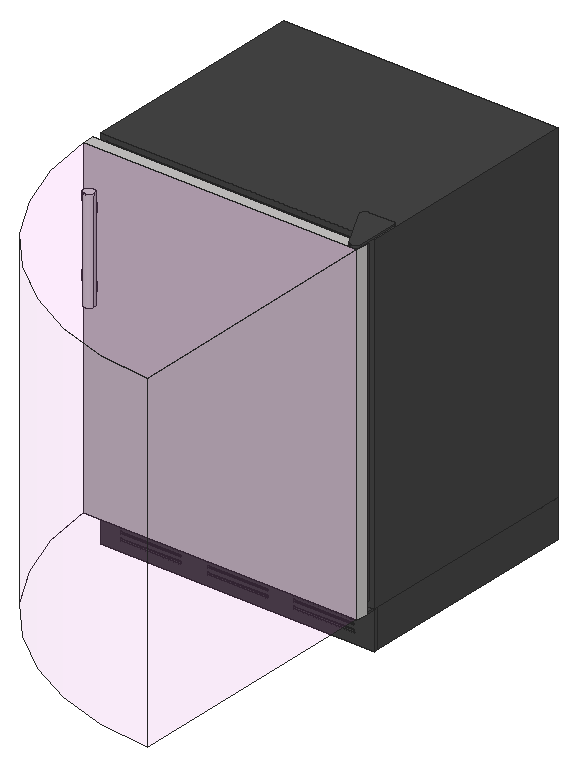
Revit family "QF_Summit_FF708BLSSADA_Refrigerator", category Specialty Equipment, Revit 2020
Family settings
  Round Connector Dimension = Use Diameter
  Part Type = Normal
  Work Plane-Based = No
  Always vertical = Yes
  Cut with Voids When Loaded = No
  Shared = No
  Room Calculation Point = No
Parameters
  Weight in Pounds = 100
  Watts = Volts * FL Amps  # 92 W
  Volts = 115 V
  URL Cutsheet = ""
  Specification by User = ""
  Specification by Manufacturer = ""
  Show LHD [instance] = no
  Right Hinged Door [instance] = not(Show LHD)  # yes
  Serial Number = ""
  Seismic Rating = ""
  SMACNA No = ""
  Revision Code = ""
  Refrigerant Volume = 0.00 kip
  Refrigerant Type = "R600a"
  Phase = 1
  Number of Poles = 1
  NAFEM Spec ID Number = ""
  Model = "FF708BLSSADA"
  Min Ckt Ampacity = 0 A
  Max Overcurrent Protection = 0 A
  Masterspec = ""
  Manufacturer = "Summit"
  Length = 23 5/8"
  Item Number = ""
  Installed By = ""
  Identify Quantity as Lot = yes
  Height = 32 1/8"
  HP = ""
  Furnished By = ""
  Foodservice Equipment Identifier = yes
  FL Amps = 0.8 A
  Electrical Remarks = ""
  Electric Connection Type = ""
  Elec Conn RI Height = 0"
  Elec Conn Connection Height = 0"
  Description = "Refrigerator"
  Depth = 22 3/8"
  Default Elevation = 0"
  Cycle = 60 Hz
  Conn Plug = ""
  Conn Conduit = yes
  CSI MasterFormat = ""
  BTUH = 0.0 Btu/h
  Apparent Power = if(Phase = 3, Volts * FL Amps * 1.73, Volts * FL Amps)  # 92 VA
Reference planes (in)
  plane 1 "BACK": y = 0
  plane 2: z = 0
  plane 3 "LEFT": x = 0
  plane 4 "RIGHT": x = 23.625
  plane 5 "FRONT": y = -22.375
  plane 6 "TOP": z = 32.125
  plane 7 "Center Y": x = 11.8125
  plane 8 "Center X": y = -11.1875
  plane 9: z = 32
  plane 10: y = -24
  plane 11: y = -45
  plane 12: y = -0.75
  plane 13: y = -20.5
  plane 14: z = 0.125
  plane 15: z = 3.375
  plane 16: x = 17.46169
Forms (in)
  Extrusion 1, solid, material "QF_Metallic_Paint_Black_Smooth"
    sketch origin (-4.07558, -180, 0.25) x (-1, 0, 0) y (0, -1, 0)
      loop
        line (-4.07558, -179.25) -> (-4.07558, -159.5) -> (-27.70058, -159.5) -> (-27.70058, -179.25) -> (-4.07558, -179.25)
    from 3.125 to 31.75
  Extrusion 2, solid, material "QF_Metal_Stainless_Polished"
    sketch origin (-5.77638, -180, 3.5) x (-1, 0, 0) y (0, -1, 0)
      loop
        line (-5.77638, -157.625) -> (-29.40138, -157.625) -> (-29.40138, -158.625) -> (-5.77638, -158.625) -> (-5.77638, -157.625)
    from -0.125 to 28.5
  Extrusion 3, solid, material "QF_Metallic_Paint_Black_Smooth"
    sketch origin (23.5, -21.375, 3.5) x (-1, 0, 0) y (0, 0, 1)
      loop
        line (0.375, 0.375) -> (23, 0.375) -> (23, 28) -> (0.375, 28) -> (0.375, 0.375)
    from 0 to 0.875
  Extrusion 4, solid, material "QF_Metallic_Paint_Black_Smooth", visible <- "Right Hinged Door"
    sketch origin (-5.77638, -180, 32) x (-1, 0, 0) y (0, -1, 0)
      loop
        arc (-29.27619, -161.7403) -> (-29.20297, -161.91708) -> (-29.02619, -161.9903) r 0.25
        line (-29.02619, -161.9903) -> (-26.9149, -161.9903)
        arc (-26.9149, -161.9903) -> (-26.55876, -161.78675) -> (-26.55339, -161.37658) r 0.41333
        line (-26.55339, -161.37658) -> (-28.47012, -157.91871)
        arc (-28.47012, -157.91871) -> (-28.95386, -157.71088) -> (-29.27619, -158.12717) r 0.42999
        line (-29.27619, -158.12717) -> (-29.27619, -161.7403)
    from 0 to 0.125
  Extrusion 5, solid, material "QF_Metal_Stainless_Polished", visible <- "Right Hinged Door"
    sketch origin (-1.6459, -180, 28.32044) x (-1, 0, 0) y (0, -1, 0)
      loop
        line (-1.6459, -158.625) -> (-1.5209, -158.625) -> (-1.5209, -157.55854) -> (-2.72981, -156.74311) -> (-3.38781, -156.74311) -> (-3.38781, -156.86811) -> (-2.76803, -156.86811) -> (-1.6459, -157.625) -> (-1.6459, -158.625)
    from 0 to -0.75
  Extrusion 6, solid, material "QF_Metal_Stainless_Polished", visible <- "Right Hinged Door"
    sketch origin (-4.89398, -180, 20.5) x (-1, 0, 0) y (0, -1, 0)
      loop
        circle (-6.30689, -156.43406) r 0.43516
    from 0 to 8.75
  Extrusion 7, solid, material "QF_Metal_Stainless_Polished", visible <- "Right Hinged Door"
    sketch origin (-1.6459, -180, 21.42956) x (0, 1, 0) y (1, 0, 0)
      loop
        line (158.625, 1.6459) -> (157.625, 1.6459) -> (156.86811, 2.76803) -> (156.86811, 3.38781) -> (156.74311, 3.38781) -> (156.74311, 2.72981) -> (157.55854, 1.5209) -> (158.625, 1.5209) -> (158.625, 1.6459)
    from 0 to -0.75
  Extrusion 8, solid, material "QF_Metallic_Paint_Black_Smooth", visible <- "Right Hinged Door"
    sketch origin (-5.77638, -180, 3.375) x (0, 1, 0) y (1, 0, 0)
      loop
        line (159.5, 29.27619) -> (158.12717, 29.27619)
        arc (158.12717, 29.27619) -> (157.71088, 28.95386) -> (157.91871, 28.47012) r 0.42999
        line (157.91871, 28.47012) -> (159.5, 27.5936) -> (159.5, 29.27619)
    from 0 to 0.125
  Extrusion 9, solid, material "QF_Metallic_Paint_Black_Smooth"
    sketch origin (-12.48311, -20.5, 48) x (-1, 0, 0) y (0, 0, 1)
      loop
        line (-12.48311, -44.625) -> (-36.10811, -44.625) -> (-36.10811, -47.875) -> (-12.48311, -47.875) -> (-12.48311, -44.625)
      loop
        line (-14.18872, -45.26011) -> (-19.43872, -45.26011) -> (-19.43872, -45.51011) -> (-14.18872, -45.51011) -> (-14.18872, -45.26011)
      loop
        line (-14.18872, -45.76011) -> (-19.43872, -45.76011) -> (-19.43872, -46.01011) -> (-14.18872, -46.01011) -> (-14.18872, -45.76011)
      loop
        line (-14.18872, -46.26011) -> (-19.43872, -46.26011) -> (-19.43872, -46.51011) -> (-14.18872, -46.51011) -> (-14.18872, -46.26011)
      loop
        line (-14.18872, -46.76011) -> (-19.43872, -46.76011) -> (-19.43872, -47.01011) -> (-14.18872, -47.01011) -> (-14.18872, -46.76011)
      loop
        line (-21.67061, -45.26011) -> (-26.92061, -45.26011) -> (-26.92061, -45.51011) -> (-21.67061, -45.51011) -> (-21.67061, -45.26011)
      loop
        line (-21.67061, -45.76011) -> (-26.92061, -45.76011) -> (-26.92061, -46.01011) -> (-21.67061, -46.01011) -> (-21.67061, -45.76011)
      loop
        line (-21.67061, -46.26011) -> (-26.92061, -46.26011) -> (-26.92061, -46.51011) -> (-21.67061, -46.51011) -> (-21.67061, -46.26011)
      loop
        line (-21.67061, -46.76011) -> (-26.92061, -46.76011) -> (-26.92061, -47.01011) -> (-21.67061, -47.01011) -> (-21.67061, -46.76011)
      loop
        line (-34.40249, -45.26011) -> (-34.40249, -45.51011) -> (-29.15249, -45.51011) -> (-29.15249, -45.26011) -> (-34.40249, -45.26011)
      loop
        line (-34.40249, -45.76011) -> (-34.40249, -46.01011) -> (-29.15249, -46.01011) -> (-29.15249, -45.76011) -> (-34.40249, -45.76011)
      loop
        line (-34.40249, -46.26011) -> (-34.40249, -46.51011) -> (-29.15249, -46.51011) -> (-29.15249, -46.26011) -> (-34.40249, -46.26011)
      loop
        line (-34.40249, -46.76011) -> (-34.40249, -47.01011) -> (-29.15249, -47.01011) -> (-29.15249, -46.76011) -> (-34.40249, -46.76011)
    from 0 to 0.25
  Extrusion 10, solid, material "QF_Metallic_Paint_Black_Smooth"
    sketch origin (-12.48311, -1, 48) x (-1, 0, 0) y (0, 0, 1)
      loop
        line (-12.48311, -44.625) -> (-36.10811, -44.625) -> (-36.10811, -47.875) -> (-12.48311, -47.875) -> (-12.48311, -44.625)
    from -19.25 to 0.25
  Extrusion 11, solid, material "QF_Metallic_Paint_Black_Smooth"
    sketch origin (0, 0, 0) x (1, 0, 0) y (0, 1, 0)
      loop
        circle (3.1104, -18.5) r 0.5
      loop
        circle (3.1104, -2.75) r 0.5
      loop
        circle (20.5146, -18.5) r 0.5
      loop
        circle (20.5146, -2.75) r 0.5
    from 0 to 0.125
  Extrusion 12, solid, material "QF_Metal_Stainless_Polished"
    sketch origin (0, -0.75, 0.25) x (1, 0, 0) y (0, 0, -1)
      loop
        circle (17.46169, -0.84684) r 0.25
    from 0 to 0.25
  Extrusion 13, solid, material "QF_Metallic_Paint_Black_Smooth"
    sketch origin (0, -0.75, 17.75) x (0, -1, 0) y (1, 0, 0)
      loop
        line (-0.75, 9.30778) -> (0, 9.30778) -> (0, 14.31722) -> (-0.75, 14.31722) -> (-0.75, 9.30778)
    from -3 to 3
  Extrusion 14, solid, material "QF_Clearances_Door_Drawer", visible <- "Right Hinged Door"
    sketch origin (-5.77638, -180, 3.375) x (0, -1, 0) y (-1, 0, 0)
      loop
        line (-157.625, -29.40138) -> (-135, -29.40138)
        arc (-135, -29.40138) -> (-141.73517, -13.2053) -> (-157.625, -5.77638) r 24.27307
        line (-157.625, -5.77638) -> (-157.625, -29.40138)
    from 0 to -28.625
  Extrusion 15, solid, material "QF_Metallic_Paint_Black_Smooth", visible <- "Show LHD"
    sketch origin (29.40138, -180, 32) x (1, 0, 0) y (0, 1, 0)
      loop
        line (-29.27619, 161.7403) -> (-29.27619, 158.12717)
        arc (-29.27619, 158.12717) -> (-28.95386, 157.71088) -> (-28.47012, 157.91871) r 0.42999
        line (-28.47012, 157.91871) -> (-26.55339, 161.37658)
        arc (-26.55339, 161.37658) -> (-26.55876, 161.78675) -> (-26.9149, 161.9903) r 0.41333
        line (-26.9149, 161.9903) -> (-29.02619, 161.9903)
        arc (-29.02619, 161.9903) -> (-29.20297, 161.91708) -> (-29.27619, 161.7403) r 0.25
    from 0 to 0.125
  Extrusion 16, solid, material "QF_Metal_Stainless_Polished", visible <- "Show LHD"
    sketch origin (25.2709, -180, 28.32044) x (1, 0, 0) y (0, 1, 0)
      loop
        line (-1.6459, 158.625) -> (-1.6459, 157.625) -> (-2.76803, 156.86811) -> (-3.38781, 156.86811) -> (-3.38781, 156.74311) -> (-2.72981, 156.74311) -> (-1.5209, 157.55854) -> (-1.5209, 158.625) -> (-1.6459, 158.625)
    from 0 to -0.75
  Extrusion 17, solid, material "QF_Metal_Stainless_Polished", visible <- "Show LHD"
    sketch origin (28.51898, -180, 20.5) x (1, 0, 0) y (0, 1, 0)
      loop
        circle (-6.30689, 156.43406) r 0.43516
    from 0 to 8.75
  Extrusion 18, solid, material "QF_Metal_Stainless_Polished", visible <- "Show LHD"
    sketch origin (25.2709, -180, 21.42956) x (0, -1, 0) y (-1, 0, 0)
      loop
        line (-158.625, 1.6459) -> (-158.625, 1.5209) -> (-157.55854, 1.5209) -> (-156.74311, 2.72981) -> (-156.74311, 3.38781) -> (-156.86811, 3.38781) -> (-156.86811, 2.76803) -> (-157.625, 1.6459) -> (-158.625, 1.6459)
    from 0 to -0.75
  Extrusion 19, solid, material "QF_Metallic_Paint_Black_Smooth", visible <- "Show LHD"
    sketch origin (29.40138, -180, 3.375) x (0, -1, 0) y (-1, 0, 0)
      loop
        line (-159.5, 29.27619) -> (-159.5, 27.5936) -> (-157.91871, 28.47012)
        arc (-157.91871, 28.47012) -> (-157.71088, 28.95386) -> (-158.12717, 29.27619) r 0.42999
        line (-158.12717, 29.27619) -> (-159.5, 29.27619)
    from 0 to 0.125
  Extrusion 20, solid, material "QF_Clearances_Door_Drawer", visible <- "Show LHD"
    sketch origin (29.40138, -180, 3.375) x (0, 1, 0) y (1, 0, 0)
      loop
        line (157.625, -29.40138) -> (157.625, -5.77638)
        arc (157.625, -5.77638) -> (141.73517, -13.2053) -> (135, -29.40138) r 24.27307
        line (135, -29.40138) -> (157.625, -29.40138)
    from 0 to -28.625
Lines and regions (in)
  symbolic lines
    curve 1: line (0, -0.75, 0) -> (23.625, -0.75, 0)
    curve 2: line (0, -20.5, 0) -> (0, -0.75, 0)
    curve 3: line (23.625, -20.5, 0) -> (23.49982, -20.5, 0)
    curve 4: line (23.625, -0.75, 0) -> (23.625, -20.5, 0)
    curve 5: line (21.81722, -20.5, 0) -> (1.80778, -20.5, 0)
    curve 12: line (23.625, -22.375, 0) -> (0, -22.375, 0)
    curve 13: line (0, -21.375, 0) -> (0, -22.375, 0)
    curve 14: line (23.625, -21.375, 0) -> (23.49982, -21.375, 0)
    curve 15: line (23.625, -22.375, 0) -> (23.625, -21.375, 0)
    curve 16: line (22.30224, -21.375, 0) -> (1.32276, -21.375, 0)
    curve 22: line (1.74192, -23.25689, 0) -> (1.74192, -23.13189, 0)
    curve 28: line (9.30778, -0.75, 0) -> (9.30778, 0, 0)
    curve 29: line (9.30778, 0, 0) -> (14.31722, 0, 0)
    curve 30: line (14.31722, 0, 0) -> (14.31722, -0.75, 0)
    curve 54: line (0.12518, -20.5, 0) -> (0, -20.5, 0)
    curve 56: line (0.12518, -21.375, 0) -> (0, -21.375, 0)
  symbolic lines, visible <- "Right Hinged Door"
    curve 6: line (23.49982, -21.87283, 0) -> (23.49982, -18.2597, 0)
    curve 7: arc (23.49982, -18.2597, 0) -> (23.42659, -18.08292, 0) -> (23.24982, -18.0097, 0) r 0.25
    curve 8: line (23.24982, -18.0097, 0) -> (21.13852, -18.0097, 0)
    curve 9: arc (21.13852, -18.0097, 0) -> (20.78238, -18.21325, 0) -> (20.77701, -18.62342, 0) r 0.41333
    curve 10: line (20.77701, -18.62342, 0) -> (22.69374, -22.08129, 0)
    curve 11: arc (22.69374, -22.08129, 0) -> (23.17748, -22.28912, 0) -> (23.49982, -21.87283, 0) r 0.42999
    curve 17: line (-0.125, -21.375, 0) -> (-0.125, -22.44146, 0)
    curve 18: line (-0.125, -22.44146, 0) -> (1.08391, -23.25689, 0)
    curve 19: arc (0.97776, -23.56594, 0) -> (1.41291, -24.0011, 0) -> (1.84807, -23.56594, 0) r 0.43516
    curve 20: line (1.74192, -23.13189, 0) -> (1.12213, -23.13189, 0)
    curve 21: line (1.12213, -23.13189, 0) -> (0, -22.375, 0)
    curve 23: arc (1.84807, -23.56594, 0) -> (1.73137, -23.26938, 0) -> (1.44385, -23.13189, 0) r 0.43516
    curve 24: line (1.08391, -23.25689, 0) -> (1.10657, -23.25689, 0)
    curve 25: line (1.71926, -23.25689, 0) -> (1.74192, -23.25689, 0)
    curve 26: arc (1.38198, -23.13189, 0) -> (1.09446, -23.26938, 0) -> (0.97776, -23.56594, 0) r 0.43516
    curve 27: line (0.5, -21.375, 0) -> (0.5, -20.5, 0)
    curve 33: line (0, -21.375, 0) -> (-0.125, -21.375, 0)
    curve 53: line (1.80778, -20.5, 0) -> (0.12518, -20.5, 0)
    curve 55: line (1.32276, -21.375, 0) -> (0.12518, -21.375, 0)
  symbolic lines, style "QF_Clearances_Door_Drawer", visible <- "Right Hinged Door"
    curve 31: line (23.625, -22.375, 0) -> (3.7814, -33.83171, 0)
    curve 32: arc (3.7814, -33.83171, 0) -> (1.19256, -28.41738, 0) -> (0.01125, -22.53337, 0) r 24.27307
  symbolic lines, visible <- "Show LHD"
    curve 34: line (0.12518, -21.87283, 0) -> (0.12518, -18.2597, 0)
    curve 35: arc (0.12518, -18.2597, 0) -> (0.19841, -18.08292, 0) -> (0.37518, -18.0097, 0) r 0.25
    curve 36: line (0.37518, -18.0097, 0) -> (2.48648, -18.0097, 0)
    curve 37: arc (2.48648, -18.0097, 0) -> (2.84262, -18.21325, 0) -> (2.84799, -18.62342, 0) r 0.41333
    curve 38: line (2.84799, -18.62342, 0) -> (0.93126, -22.08129, 0)
    curve 39: arc (0.93126, -22.08129, 0) -> (0.44752, -22.28912, 0) -> (0.12518, -21.87283, 0) r 0.42999
    curve 40: line (23.75, -21.375, 0) -> (23.75, -22.44146, 0)
    curve 41: line (23.75, -22.44146, 0) -> (22.54109, -23.25689, 0)
    curve 42: arc (22.64724, -23.56594, 0) -> (22.21209, -24.0011, 0) -> (21.77693, -23.56594, 0) r 0.43516
    curve 43: line (21.88308, -23.13189, 0) -> (22.50287, -23.13189, 0)
    curve 44: line (22.50287, -23.13189, 0) -> (23.625, -22.375, 0)
    curve 45: arc (21.77693, -23.56594, 0) -> (21.89363, -23.26938, 0) -> (22.18115, -23.13189, 0) r 0.43516
    curve 46: arc (22.24302, -23.13189, 0) -> (22.53054, -23.26938, 0) -> (22.64724, -23.56594, 0) r 0.43516
    curve 49: line (23.625, -21.375, 0) -> (23.75, -21.375, 0)
    curve 50: line (22.54109, -23.25689, 0) -> (22.51843, -23.25689, 0)
    curve 51: line (21.88308, -23.13189, 0) -> (21.88308, -23.25689, 0)
    curve 52: line (21.90574, -23.25689, 0) -> (21.88308, -23.25689, 0)
    curve 57: line (23.125, -21.375, 0) -> (23.125, -20.5, 0)
    curve 58: line (21.81722, -20.5, 0) -> (23.49982, -20.5, 0)
    curve 59: line (22.30224, -21.375, 0) -> (23.49982, -21.375, 0)
  symbolic lines, style "QF_Clearances_Door_Drawer", visible <- "Show LHD"
    curve 47: line (0, -22.375, 0) -> (19.8436, -33.83171, 0)
    curve 48: arc (19.8436, -33.83171, 0) -> (22.43244, -28.41738, 0) -> (23.61375, -22.53337, 0) r 24.27307
Dimensions and locks (in)
  equal spacing: plane 3 "LEFT", plane 7 "Center Y", plane 4 "RIGHT"
  "Length": plane 3 "LEFT" to plane 4 "RIGHT"
  equal spacing: plane 5 "FRONT", plane 8 "Center X", plane 1 "BACK"
  "Depth": plane 5 "FRONT" to plane 1 "BACK"
  "Height": plane 6 "TOP" to level
  plane 4 "RIGHT" to plane 3 "LEFT" = 23 5/8"
  plane 6 "TOP" to plane 9 = 1/8"
  plane 10 to plane 5 "FRONT" = 1 5/8"
  plane 1 "BACK" to plane 12 = 3/4"
  plane 12 to plane 13 = 19 3/4"
  plane 13 to plane 11 = 24 1/2"
  plane 12 to plane 11 = 44 1/4"
  plane 14 to plane 2 = 1/8"
  plane 9 to plane 14 = 31 7/8"
  locked: plane 15 to plane 14 at 3.25
  plane 9 to plane 2 = 32"
  aligned and locked: level to plane 2
Automatic sketch dimensions
  Extrusion 1 sketch curve to plane 4 "RIGHT" = 0"
  Extrusion 1 sketch curve to plane 3 "LEFT" = 0"
  Extrusion 1 sketch curve to plane 12 = 0"
  Extrusion 1 sketch curve to plane 13 = 0"
  Extrusion 2 sketch curve to plane 4 "RIGHT" = 0"
  Extrusion 2 sketch curve to plane 3 "LEFT" = 0"
  plane 5 "FRONT" to Extrusion 2 sketch curve = 0"
  Extrusion 2 sketch curve to plane 13 = 7/8"
  Extrusion 2 to Extrusion 3 sketch curve = 1/2"  (x3)
  Extrusion 3 sketch curve to Extrusion 2 = 1/2"
  Extrusion 4 sketch curve to Extrusion 2 = 0.12518"
  Extrusion 4 sketch curve to Extrusion 4 sketch curve = 1/4"
  Extrusion 4 sketch curve to Extrusion 4 sketch curve = 0.42999"
  Extrusion 4 sketch curve to Extrusion 2 = 0.29371"
  Extrusion 4 sketch curve to Extrusion 4 sketch curve = 0.37608"
  Extrusion 4 sketch curve to Extrusion 4 sketch curve = 2.1113"
  Extrusion 4 sketch curve to Extrusion 4 sketch curve = 0.36151"
  Extrusion 2 to Extrusion 4 sketch curve = 2.75158"
  Extrusion 4 sketch curve to Extrusion 4 sketch curve = 0.20039"
  Extrusion 5 sketch curve to plane 3 "LEFT" = 0"
  plane 5 "FRONT" to Extrusion 5 sketch curve = 0"
  plane 3 "LEFT" to Extrusion 5 sketch curve = 1.08391"
  Extrusion 5 sketch curve to Extrusion 5 sketch curve = 0.03822"
  Extrusion 5 sketch curve to Extrusion 5 sketch curve = 0.61979"
  Extrusion 5 sketch curve to plane 3 "LEFT" = 1/8"
  Extrusion 5 sketch curve to plane 13 = 7/8"
  plane 5 "FRONT" to Extrusion 5 sketch curve = 0.06646"
  plane 5 "FRONT" to Extrusion 5 sketch curve = 0.75689"
  Extrusion 5 sketch curve to Extrusion 5 sketch curve = 1/8"
  plane 10 to Extrusion 6 sketch curve = 0.43406"
  plane 3 "LEFT" to Extrusion 6 sketch curve = 1.41291"
  Extrusion 7 sketch curve to plane 3 "LEFT" = 0"
  plane 5 "FRONT" to Extrusion 7 sketch curve = 0"
  plane 5 "FRONT" to Extrusion 7 sketch curve = 0.06646"
  plane 5 "FRONT" to Extrusion 7 sketch curve = 0.75689"
  Extrusion 7 sketch curve to Extrusion 7 sketch curve = 1/8"
  Extrusion 7 sketch curve to plane 3 "LEFT" = 1/8"
  Extrusion 7 sketch curve to plane 13 = 7/8"
  plane 3 "LEFT" to Extrusion 7 sketch curve = 1.08391"
  Extrusion 7 sketch curve to Extrusion 7 sketch curve = 0.03822"
  Extrusion 7 sketch curve to Extrusion 7 sketch curve = 0.61979"
  Extrusion 8 sketch curve to plane 13 = 0"
  Extrusion 8 sketch curve to plane 5 "FRONT" = 0.50217"
  Extrusion 8 sketch curve to plane 5 "FRONT" = 0.29371"
  plane 4 "RIGHT" to Extrusion 8 sketch curve = 0.12518"
  Extrusion 8 sketch curve to Extrusion 8 sketch curve = 0.42999"
  Extrusion 8 sketch curve to Extrusion 8 sketch curve = 1.6826"
  plane 4 "RIGHT" to Extrusion 9 sketch curve = 0"
  Extrusion 9 sketch curve to plane 3 "LEFT" = 0"
  Extrusion 9 sketch curve to plane 14 = 0"
  Extrusion 9 sketch curve to plane 15 = 0"
  plane 4 "RIGHT" to Extrusion 9 sketch curve = 1.70562"
  Extrusion 9 sketch curve to Extrusion 9 sketch curve = 0"  (x18)
  plane 16 to Extrusion 9 sketch curve = 0.79231"
  plane 14 to Extrusion 9 sketch curve = 0.86489"  (x2)
  Extrusion 9 sketch curve to Extrusion 9 sketch curve = 2.23188"  (x2)
  Extrusion 9 sketch curve to plane 15 = 1.13511"
  Extrusion 9 sketch curve to plane 7 "Center Y" = 2 5/8"
  plane 14 to Extrusion 9 sketch curve = 1.11489"
  plane 3 "LEFT" to Extrusion 9 sketch curve = 1.70562"
  Extrusion 9 sketch curve to Extrusion 9 sketch curve = 1/4"  (x20)
  plane 4 "RIGHT" to Extrusion 10 sketch curve = 0"
  Extrusion 10 sketch curve to plane 3 "LEFT" = 0"
  Extrusion 10 sketch curve to plane 14 = 0"
  Extrusion 10 sketch curve to plane 15 = 0"
  plane 3 "LEFT" to Extrusion 11 sketch curve = 3.1104"  (x2)
  Extrusion 11 sketch curve to plane 16 = 3.05291"  (x2)
  plane 13 to Extrusion 11 sketch curve = 2"  (x2)
  Extrusion 11 sketch curve to plane 12 = 2"  (x2)
  Extrusion 12 sketch curve to Extrusion 1 = 2.27816"
  Extrusion 12 sketch curve to Extrusion 1 = 6.16331"
  plane 1 "BACK" to Extrusion 13 sketch curve = 0"
  Extrusion 13 sketch curve to plane 12 = 0"
  Extrusion 13 sketch curve to plane 7 "Center Y" = 2.50472"
  plane 7 "Center Y" to Extrusion 13 sketch curve = 2.50472"
  Extrusion 14 sketch curve to Extrusion 2 = 0"  (x3)
  Extrusion 14 sketch curve to Extrusion 2 = 0.64083"
  Extrusion 14 sketch curve to Extrusion 14 sketch curve = 22 5/8"
  Extrusion 15 sketch curve to Extrusion 2 = 0.12518"
  Extrusion 15 sketch curve to Extrusion 15 sketch curve = 1/4"
  Extrusion 15 sketch curve to Extrusion 15 sketch curve = 0.42999"
  Extrusion 15 sketch curve to Extrusion 2 = 0.29371"
  Extrusion 15 sketch curve to Extrusion 15 sketch curve = 0.37608"
  Extrusion 15 sketch curve to Extrusion 15 sketch curve = 2.1113"
  Extrusion 15 sketch curve to Extrusion 15 sketch curve = 0.36151"
  Extrusion 2 to Extrusion 15 sketch curve = 2.75158"
  Extrusion 15 sketch curve to Extrusion 15 sketch curve = 0.20039"
  Extrusion 16 sketch curve to plane 4 "RIGHT" = 0"
  plane 5 "FRONT" to Extrusion 16 sketch curve = 0"
  plane 4 "RIGHT" to Extrusion 16 sketch curve = 1.08391"
  Extrusion 16 sketch curve to Extrusion 16 sketch curve = 0.03822"
  Extrusion 16 sketch curve to Extrusion 16 sketch curve = 0.61979"
  Extrusion 16 sketch curve to plane 4 "RIGHT" = 1/8"
  plane 5 "FRONT" to Extrusion 16 sketch curve = 0.06646"
  plane 5 "FRONT" to Extrusion 16 sketch curve = 0.75689"
  Extrusion 16 sketch curve to Extrusion 16 sketch curve = 1/8"
  Extrusion 16 sketch curve to plane 13 = 7/8"
  plane 10 to Extrusion 17 sketch curve = 0.43406"
  plane 4 "RIGHT" to Extrusion 17 sketch curve = 1.41291"
  Extrusion 18 sketch curve to plane 4 "RIGHT" = 0"
  plane 5 "FRONT" to Extrusion 18 sketch curve = 0"
  Extrusion 18 sketch curve to plane 4 "RIGHT" = 1/8"
  Extrusion 18 sketch curve to plane 13 = 7/8"
  plane 5 "FRONT" to Extrusion 18 sketch curve = 0.06646"
  plane 5 "FRONT" to Extrusion 18 sketch curve = 0.75689"
  Extrusion 18 sketch curve to Extrusion 18 sketch curve = 1/8"
  plane 4 "RIGHT" to Extrusion 18 sketch curve = 1.08391"
  Extrusion 18 sketch curve to Extrusion 18 sketch curve = 0.03822"
  Extrusion 18 sketch curve to Extrusion 18 sketch curve = 0.61979"
  Extrusion 19 sketch curve to plane 13 = 0"
  plane 3 "LEFT" to Extrusion 19 sketch curve = 0.12518"
  Extrusion 19 sketch curve to plane 5 "FRONT" = 0.50217"
  Extrusion 19 sketch curve to plane 5 "FRONT" = 0.29371"
  Extrusion 19 sketch curve to Extrusion 19 sketch curve = 0.42999"
  Extrusion 19 sketch curve to Extrusion 19 sketch curve = 1.6826"
  Extrusion 20 sketch curve to Extrusion 2 = 0"  (x3)
  Extrusion 20 sketch curve to Extrusion 20 sketch curve = 22 5/8"
  Extrusion 20 sketch curve to Extrusion 2 = 0.59255"
  curve 19 to curve 23 = 0"  (x2)
  curve 19 to curve 26 = 0"  (x2)
  curve 23 to curve 26 = 0"  (x2)
  curve 42 to curve 45 = 0"  (x2)
  curve 42 to curve 46 = 0"  (x2)
  curve 45 to curve 46 = 0"  (x2)
  curve 47 to plane 3 "LEFT" = 0"
  curve 2 to plane 3 "LEFT" = 0"
  curve 53 to plane 13 = 0"
  curve 54 to plane 13 = 0"
  curve 5 to plane 13 = 0"
  curve 28 to plane 12 = 0"
  plane 1 "BACK" to curve 29 = 0"
  curve 58 to plane 13 = 0"
  curve 3 to plane 13 = 0"
  curve 49 to plane 4 "RIGHT" = 0"
  curve 1 to plane 4 "RIGHT" = 0"
  plane 5 "FRONT" to curve 44 = 0"
  curve 17 to plane 3 "LEFT" = 1/8"
  curve 48 to plane 13 = 0.23417"
  curve 48 to plane 3 "LEFT" = 0.59255"
  plane 3 "LEFT" to curve 55 = 0.12518"
  curve 34 to curve 35 = 1/4"
  curve 34 to curve 39 = 0.42999"
  curve 38 to plane 5 "FRONT" = 0.29371"
  curve 39 to curve 38 = 0.37608"
  plane 10 to curve 24 = 0.74311"
  plane 3 "LEFT" to curve 24 = 1.08391"
  curve 18 to curve 21 = 0.03822"
  curve 39 to curve 16 = 0.3915"
  curve 18 to curve 26 = 0.329"
  curve 19 to curve 25 = 0.329"
  curve 16 to curve 5 = 0.48502"
  curve 35 to curve 37 = 2.1113"
  plane 13 to curve 38 = 1.87658"
  plane 3 "LEFT" to curve 31 = 3.7814"
  curve 29 to plane 7 "Center Y" = 2.50472"
  plane 7 "Center Y" to curve 30 = 2.50472"
  curve 47 to plane 16 = 2.38191"
  plane 4 "RIGHT" to curve 10 = 2.84799"
  curve 9 to curve 8 = 0.36151"
  plane 10 to curve 52 = 0.74311"
  plane 4 "RIGHT" to curve 52 = 1.74192"
  curve 51 to curve 46 = 0.329"
  curve 42 to curve 44 = 0.29079"
  curve 43 to curve 50 = 0.01556"
  curve 50 to curve 50 = 0.02266"
  curve 10 to plane 5 "FRONT" = 0.29371"
  plane 4 "RIGHT" to curve 10 = 0.93126"
  curve 10 to curve 11 = 0.37608"
  plane 4 "RIGHT" to curve 8 = 0.37518"
  plane 4 "RIGHT" to curve 6 = 0.12518"
  curve 40 to plane 4 "RIGHT" = 1/8"
  curve 32 to plane 13 = 0.23417"
  curve 32 to plane 4 "RIGHT" = 0.59255"
  plane 10 to curve 26 = 0.43406"
  plane 10 to curve 45 = 0.43406"
  curve 47 to plane 10 = 9.83171"
  curve 31 to plane 10 = 9.83171"
  curve 42 to curve 50 = 0.30906"
  curve 19 to curve 22 = 0.30906"
  curve 22 to curve 22 = 1/8"
  curve 51 to curve 43 = 1/8"
  plane 5 "FRONT" to curve 17 = 0.06646"
  plane 5 "FRONT" to curve 41 = 0.06646"
  curve 34 to curve 13 = 0.49783"
  curve 6 to curve 14 = 0.49783"
  curve 55 to curve 56 = 0"
  plane 13 to curve 10 = 1.87658"
  curve 9 to curve 9 = 0.20039"
  curve 37 to curve 37 = 0.20039"
  curve 53 to curve 27 = 0.37482"
  curve 19 to curve 18 = 0.10616"
  curve 59 to curve 16 = 0"
  curve 57 to curve 3 = 0.37482"
  radius of Extrusion 6 sketch curve = 0.43516"
  radius of Extrusion 11 sketch curve = 1/2"  (x4)
  radius of Extrusion 12 sketch curve = 1/4"
  radius of Extrusion 17 sketch curve = 0.43516"
Connectors (in)
  electrical at (17.46169, -0.5, 1.09684), driven by "Volts", driven by "Watts"
    settings: on Extrusion 12, index 2, voltage 115 V, apparent load 92 VA, apparent load phase1 0 VA, apparent load phase2 0 VA, apparent load phase3 0 VA, power factor 1, load classification "Other", number of poles 1, system type 30, power factor state 1, is connector primary yes, connector utility no, sub classification motor no, connector description ""
